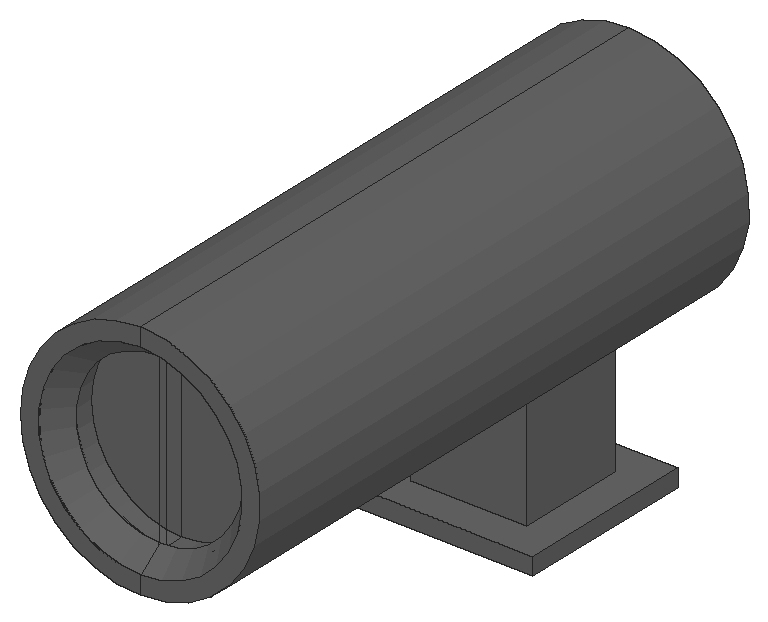
Revit family "LCC6LED-W", category Lighting Fixtures, host Face, Revit 2012
Parameters (values of type "LCC6LEDV2S30L35K8WFL45BL")
  Wattage Comments = "40W"
  Wattage = 40 W
  built-in parameter 1150110 = 1 (stored number, unit not read)
  Voltage = if(Is 120V, 120 V, 277 V)  # 120 V
  URL = "http://www.prescolite.com/"
  built-in parameter 1114217 = 1 (stored number, unit not read)
  Tilt Angle = 90.00°
  built-in parameter 1150109 = 1 (stored number, unit not read)
  built-in parameter 1150134 = (empty or 0)
  built-in parameter 1150113 = 1 (stored number, unit not read)
  Product Page URL = "http://www.prescolite.com/products/lcc6led"
  Product Documentation Link = "http://cdn.prescolite.com/content/products/specs/specs_files/lfo_led_017.pdf.pdf"
  Photometric Web File = "LCC6LEDV2S30L35K8WFL45BL.IES"
  Model = "LCC6LED"  # constant formula
  Manufacturer Phone = "866-898-0131"  # constant formula
  Manufacturer Fax = "864-678-1415"  # constant formula
  Manufacturer = "Prescolite"  # constant formula
  built-in parameter 1150105 = 238.73 (stored number, unit not read)
  Lumens = 3000 lm
  built-in parameter 1150115 = 1 (stored number, unit not read)
  Load Classification = Lighting
  built-in parameter 1150137 = (empty or 0)
  built-in parameter 1150139 = (empty or 0)
  built-in parameter 1150112 = 1 (stored number, unit not read)
  built-in parameter 1150114 = 1 (stored number, unit not read)
  Lamp = "LED Lamp"
  Is 277V = not(Is 120V)  # no
  Is 120V = yes
  built-in parameter 1150132 = 1
  built-in parameter 1150102 = (empty or 0)
  built-in parameter 1150107 = 3500 (stored number, unit not read)
  built-in parameter 1150138 = (empty or 0)
  built-in parameter 1150106 = 2.3873 (stored number, unit not read)
  Glass = Hubbell - White Glass
  Emit from Circle Diameter = 5.500"
  Emit Shape Visible in Rendering = no
  built-in parameter 1150104 = 6.9677 (stored number, unit not read)
  Dimming Lamp Color Temperature Shift = <None>
  Description = "6in LED Wall Mount Cylinder"  # constant formula
  Default Elevation = 48.000"
  Color Filter = 16777215
  built-in parameter 1114218 = 1 (stored number, unit not read)
  Backbox = Hubbell - Matt Black
  built-in parameter 1150133 = 10 (stored number, unit not read)
  Apparent Load = 40 VA
Types (4): name | Photometric Web File | built-in parameter 1150105 | Lumens | built-in parameter 1150107 | built-in parameter 1150106 | built-in parameter 1150104
  LCC6LEDV2S24L30K8WWBL | "LCC6LEDV2S24L30K8WWBL.IES" | 190.99 (stored number, unit not read) | 2400 lm | 3000 (stored number, unit not read) | 1.9099 (stored number, unit not read) | 5.5742 (stored number, unit not read)
  LCC6LEDV2S24L35K8WFL45BL | "LCC6LEDV2S24L35K8WFL45BL.IES" | 190.99 (stored number, unit not read) | 2400 lm | 3500 (stored number, unit not read) | 1.9099 (stored number, unit not read) | 5.5742 (stored number, unit not read)
  LCC6LEDV2S30L30K8WWBL | "LCC6LEDV2S30L30K8WWBL.IES" | 238.73 (stored number, unit not read) | 3000 lm | 3000 (stored number, unit not read) | 2.3873 (stored number, unit not read) | 6.9677 (stored number, unit not read)
  LCC6LEDV2S30L35K8WFL45BL | "LCC6LEDV2S30L35K8WFL45BL.IES" | 238.73 (stored number, unit not read) | 3000 lm | 3500 (stored number, unit not read) | 2.3873 (stored number, unit not read) | 6.9677 (stored number, unit not read)
Reference planes (in)
  plane 1 "Center (Front/Back)": y = 0.03999
  plane 2: z = 0
  plane 3 "Center (Left/Right)": x = -5.30151
  plane 4: y = -2.21001
  plane 5: y = 2.28999
  plane 6: z = 0.4375
  plane 7: z = 2.875
  plane 8: z = 5.875
  plane 9: x = -7.61401
  plane 10: x = -2.98901
  plane 11: y = 3.66499
  plane 12: y = -11.58501
  plane 13: y = -11.58501
Forms (in)
  Sweep 1, solid, material "Hubbell - Matt Black" <- "Backbox"
    path origin (0, 0, 0) x (1, 0, 0) y (0, 1, 0)
      loop
        line (-7.61401, 2.28999) -> (-7.61401, -2.21001) -> (-2.98901, -2.21001) -> (-2.98901, 2.28999) -> (-7.61401, 2.28999)
    profile origin (-5.30151, 2.28999, 0) x (0, 1, 0) y (0, 0, 1)
      loop
        line (0, 0.4375) -> (-0.86619, 0.4375) -> (-0.86619, 3.97391) -> (-0.96619, 3.97391) -> (-0.96619, 0.3375) -> (-0.1, 0.3375) -> (-0.1, 0) -> (0, 0) -> (0, 0.4375)
  Revolve 2, solid, material "Hubbell - Matt Black" <- "Backbox"
    sketch origin (-5.30151, -5.26152, 0) x (0, -1, 0) y (0, 0, 1)
      loop
        line (-8.92651, 2.875) -> (6.32349, 2.875) -> (6.32349, 3.32797) -> (5.7271, 3.77739) -> (5.7271, 3.60664) -> (5.02603, 3.60664) -> (5.02603, 5.875) -> (-8.92651, 5.875) -> (-8.92651, 2.875)
      axis (-8.92651, 5.875) -> (6.32349, 5.875)
    angle from 0 to 360
  Revolve 3, solid, material "Hubbell - White Glass" <- "Glass"
    sketch origin (-5.30151, -5.44239, 0) x (0, -1, 0) y (0, 0, 1)
      loop
        line (5.32752, 3.60664) -> (5.54623, 3.60664) -> (5.54623, 5.875) -> (5.32752, 5.875) -> (5.32752, 3.60664)
      axis (5.32752, 5.875) -> (5.54623, 5.875)
    angle from 0 to 360
Cuts and joins
  joined: Sweep 1, Revolve 2
Dimensions and locks (in)
  equal spacing: plane 5, plane 1 "Center (Front/Back)", plane 4
  locked: plane 5 to plane 4 at 4.5
  locked: plane 6 to host face at 0.4375
  locked: plane 7 to host face at 2.875
  locked: plane 8 to plane 7 at 3
  locked: Revolve 2 sketch curve to plane 5 at 1.24498
  locked: plane 4 to Revolve 2 sketch curve at 3.13002
  locked: plane 7 to Revolve 2 sketch curve at 0.73164
  locked: Revolve 2 sketch curve to Revolve 2 sketch curve at 0.70107
  locked: Revolve 2 sketch curve to Revolve 2 sketch curve at 0.17075
  locked: Revolve 2 sketch curve to Revolve 2 sketch curve at 0.13002
  locked: Revolve 2 sketch curve to plane 7 at 0
  locked: Sweep 1 sketch curve to Sweep 1 sketch curve at 3.63641
  locked: Sweep 1 sketch curve to Sweep 1 sketch curve at 0.96619
  locked: Sweep 1 sketch curve to Sweep 1 sketch curve at 0.1
  plane 4 to Sweep 1 sketch curve to Sweep 1 sketch curve = 3.53381", 0.100" locked
  locked: Revolve 3 sketch curve to cut or joined group of Sweep 1, Revolve 2 at 0.21871
  locked: Revolve 3 sketch curve to Revolve 3 sketch curve at 2.26836
  locked: plane 11 to plane 13 at 15.25
  aligned and locked: plane 2 to host face
  aligned and locked: level to host face
  aligned and locked: plane 5 to Sweep 1 sketch curve
  aligned and locked: plane 9 to Sweep 1 sketch curve
  aligned and locked: Sweep 1 sketch curve to plane 4
  aligned and locked: Sweep 1 sketch curve to plane 10
  aligned and locked: Revolve 2 sketch curve to plane 8  (x2)
  aligned and locked: Revolve 3 sketch curve to plane 8
  aligned and locked: imposter light to plane 8
  aligned and locked: imposter light to Revolve 3
  aligned and locked: plane 2 to Sweep 1 sketch curve
  aligned and locked: plane 6 to Sweep 1 sketch curve
  aligned and locked: plane 12 to plane 13
Automatic sketch dimensions
  host sketch curve to host sketch curve = 96.000"  (x2)
  Revolve 2 sketch curve to Revolve 2 sketch curve = 4.94752"
  Revolve 2 sketch curve to Revolve 2 sketch curve = 0.59639"
  Revolve 2 sketch curve to Revolve 2 sketch curve = 0.45297"
  Sweep 1 sketch curve to Sweep 1 sketch curve = 0.100"
  Revolve 3 sketch curve to plane 8 = 0.000"
  Revolve 3 sketch curve to Revolve 3 sketch curve = 0.21871"
  Revolve 3 sketch curve to Revolve 3 sketch curve = 3.41462"
  Revolve 3 sketch curve to Revolve 3 sketch curve = 1.61667"
  plane 7 to Revolve 3 sketch curve = 0.73164"
Connectors (in)
  electrical at (-5.30151, 0.03999, 0), driven by "Voltage", driven by "Load Classification", driven by "Apparent Load"
    settings: on cut or joined group of Sweep 1, Revolve 2, index 1, voltage 120 V, apparent load 40 VA, apparent load phase1 0 VA, apparent load phase2 0 VA, apparent load phase3 0 VA, power factor 1, load classification "Lighting", number of poles 1, system type 30, power factor state 1, is connector primary yes, connector utility no, sub classification motor no, connector description "Lighting Connector"
